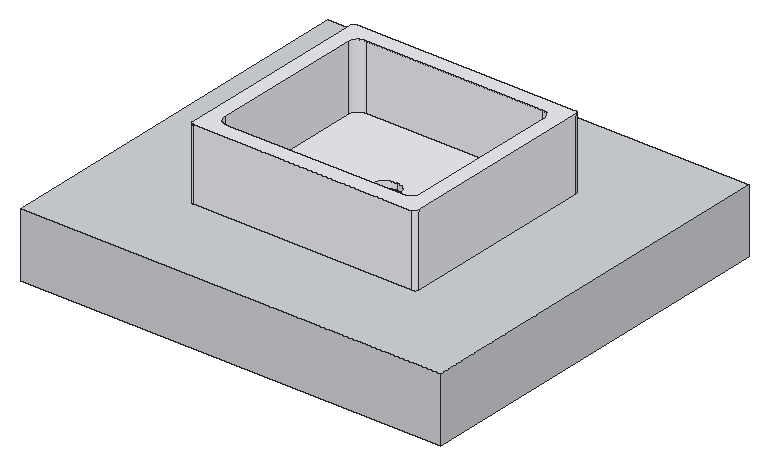
Revit family
Parameters (values of type "L.7400.17_Branco Gelo GE17")
  WFU = 0
  Vendido Separadamente = "Sifão para lavatório: Cromado: (1680.C.100.112), Dourado (1680.D.100.112).   Slim: Cromado (1684.C.100.112), Dourado (1684.D.100.112) e Gold (1684.D.100.112.GLD).  Quadra: Cromado (1685.C.100.112). Válvulas de escoamentos compatíveis: Luxo: Cromado (1601.C), Branco (1601.E.BR), Gold (1601.D.GLD); Click: Cromado (1601.C.CLI).  Competitivo: Cromado (1602.C), Dourado (1602.D); Tampão plástico: Cromado (1602.C.PLA)."  # constant formula
  Variações de COR = "Branco (L.7400.17); Ébano (L.7400.95)."  # constant formula
  URL = "www.deca.com.br/produtos"
  Segmento = "Luxo"  # constant formula
  Raio Ponto de Esgoto = 20 mm  # constant formula
  Produto = "Cuba de apoio retangular"  # constant formula
  Peso Liquido (Kg) = 7
  Norma = "ABNT NBR 15097-1: 2011"  # constant formula
  Model = Código  # "L.7400.17"
  Material = "Deca_Fireclay"  # constant formula
  Manufacturer = "Deca"  # constant formula
  Louça/Metais = "Louça"  # constant formula
  Linha = "Cuba de apoio"  # constant formula
  Informações Complementares = ""
  Flow Pressure = 0.00 psi
  Diâmetro Ponto de Esgoto = Raio Ponto de Esgoto * 2  # 40 mm
  Description = "Cuba de apoio"  # constant formula
  Default Elevation = 0 mm
  Código = "L.7400.17"
  Cuba = Deca GE17 Branco Gelo Cerâmica
  Criado por = "Contino/quattroD"  # constant formula
  Atendimento ao Cliente = "0800-0117073 "  # constant formula
  Assembly Code = "D2010400"
  Aprovado por = "Contino/quattroD"  # constant formula
  Acompanha do Producto = ""
Types (3, lengths in mm): name | Model | Código | Cuba
  (no name) | "L.7400.17" | "L.7400.17" | Deca GE17 Branco Gelo Cerâmica
  L.7400.17_Branco Gelo GE17 | "L.7400.17" | "L.7400.17" | Deca GE17 Branco Gelo Cerâmica
  L.7400.95_Ébano EB95 | "L.7400.95" | "L.7400.95" | Deca EB95 Ébano Cerâmica
Reference planes
  plane 1 "Center (Front/Back)": y = 0
  plane 2: z = 0
  plane 3 "Center (Left/Right)": x = 0
  plane 4 "Left 1": x = -176.319
  plane 5 "Right 1": x = 176.319
  plane 6 "Top 1": z = 110
  plane 7 "Back 1": y = 159.036
  plane 8 "Front 1": y = -158.819
Forms (mm)
  Extrusion 1, solid
    sketch origin (0, 0, 0) x (1, 0, 0) y (0, 1, 0)
      loop
        line (-325.748, 298.248) -> (-325.748, -297.21) -> (324.406, -297.21) -> (324.406, 298.248) -> (-325.748, 298.248)
    from 0 to -100
  Extrusion 2, void
    sketch origin (0, 0, -120) x (-1, 0, 0) y (0, -1, 0)
      loop
        circle (0, 0) r 22.902
    from 83.716 to 161.469
  Extrusion 3, solid, material "Deca GE17 Branco Gelo Cerâmica" <- "Cuba"
    sketch origin (0, 0, -120) x (-1, 0, 0) y (0, -1, 0)
      loop
        line (175.069, -151.569) -> (175.069, 151.569)
        arc (175.069, 151.569) -> (173.312, 155.812) -> (169.069, 157.569) r 5.999
        line (169.069, 157.569) -> (-169.069, 157.569)
        arc (-169.069, 157.569) -> (-173.312, 155.812) -> (-175.069, 151.569) r 5.999
        line (-175.069, 151.569) -> (-175.069, -151.569)
        arc (-175.069, -151.569) -> (-173.312, -155.812) -> (-169.069, -157.569) r 5.999
        line (-169.069, -157.569) -> (169.069, -157.569)
        arc (169.069, -157.569) -> (173.312, -155.812) -> (175.069, -151.569) r 5.999
      loop
        line (-136.772, -134.252) -> (136.772, -134.252)
        arc (136.772, -134.252) -> (147.364, -129.864) -> (151.752, -119.272) r 14.979
        line (151.752, -119.272) -> (151.752, 119.272)
        arc (151.752, 119.272) -> (147.364, 129.864) -> (136.772, 134.252) r 14.979
        line (136.772, 134.252) -> (-136.772, 134.252)
        arc (-136.772, 134.252) -> (-147.364, 129.864) -> (-151.752, 119.272) r 14.979
        line (-151.752, 119.272) -> (-151.752, -119.272)
        arc (-151.752, -119.272) -> (-147.364, -129.864) -> (-136.772, -134.252) r 14.979
    from 120 to 230
  Extrusion 4, solid, material "Deca GE17 Branco Gelo Cerâmica" <- "Cuba"
    sketch origin (0, 0, 0) x (0, 1, 0) y (-1, 0, 0)
      loop
        arc (-119.272, 151.752) -> (-129.864, 147.364) -> (-134.252, 136.772) r 14.979
        line (-134.252, 136.772) -> (-134.252, -136.772)
        arc (-134.252, -136.772) -> (-129.864, -147.364) -> (-119.272, -151.752) r 14.979
        line (-119.272, -151.752) -> (119.272, -151.752)
        arc (119.272, -151.752) -> (129.864, -147.364) -> (134.252, -136.772) r 14.979
        line (134.252, -136.772) -> (134.252, 136.772)
        arc (134.252, 136.772) -> (129.864, 147.364) -> (119.272, 151.752) r 14.979
        line (119.272, 151.752) -> (-119.272, 151.752)
    from 0 to 10
Cuts and joins
  Extrusion 2 cuts Extrusion 4
Lines and regions (mm)
  Masking region 1
    outline origin (0, 0, -120) x (-1, 0, 0) y (0, -1, 0)
      loop
        line (176.536, -153.01) -> (176.536, 153.009)
        arc (176.536, 153.009) -> (174.779, 157.278) -> (170.51, 159.036) r 5.999
        line (170.51, 159.036) -> (-170.509, 159.036)
        arc (-170.509, 159.036) -> (-174.778, 157.279) -> (-176.536, 153.01) r 5.999
        line (-176.536, 153.01) -> (-176.536, -153.009)
        arc (-176.536, -153.009) -> (-174.779, -157.278) -> (-170.51, -159.036) r 5.999
        line (-170.51, -159.036) -> (170.509, -159.036)
        arc (170.509, -159.036) -> (174.778, -157.279) -> (176.536, -153.01) r 5.999
  Masking region 2
    outline origin (0, 200, 0) x (-1, 0, 0) y (0, 0, 1)
      loop
        arc (-168.757, 110) -> (-172.901, 108.927) -> (-174.756, 105.07) r 5.084
        line (-174.756, 105.07) -> (-176.223, 0) -> (176.223, 0) -> (174.756, 105.07)
        arc (174.756, 105.07) -> (172.901, 108.927) -> (168.757, 110) r 5.084
        line (168.757, 110) -> (-168.757, 110)
  Masking region 3
    outline origin (-283.343, 0, 0) x (0, -1, 0) y (0, 0, 1)
      loop
        arc (-151.569, 110) -> (-155.713, 108.927) -> (-157.569, 105.07) r 5.084
        line (-157.569, 105.07) -> (-159.036, 0) -> (158.802, 0) -> (157.334, 105.07)
        arc (157.334, 105.07) -> (155.479, 108.927) -> (151.335, 110) r 5.084
        line (151.335, 110) -> (-151.569, 110)
  symbolic lines
    curve 1: line (-64.865, 200, 0) -> (64.866, 200, 0)
    curve 2: line (-170.069, 152.569, -120) -> (-170.069, -152.569, -120)
    curve 3: line (-170.069, -152.569, -120) -> (170.069, -152.569, -120)
    curve 4: line (170.069, -152.569, -120) -> (170.069, 152.569, -120)
    curve 5: line (170.069, 152.569, -120) -> (-170.069, 152.569, -120)
    curve 6: line (156.745, 124.265, -120) -> (156.745, -124.265, -120)
    curve 7: line (141.765, -139.245, -120) -> (-141.765, -139.245, -120)
    curve 8: line (-156.745, 124.265, -120) -> (-156.745, -124.265, -120)
    curve 9: line (-141.765, 139.245, -120) -> (141.765, 139.245, -120)
    curve 10: circle (0, 0, -120) r 32 normal (0, 0, 1)
    curve 11: circle (0, 0, -120) r 22.5 normal (0, 0, 1)
    curve 12: arc (-156.745, -124.265, -120) -> (-152.357, -134.857, -120) -> (-141.765, -139.245, -120) r 14.979
    curve 13: arc (141.765, -139.245, -120) -> (152.357, -134.857, -120) -> (156.745, -124.265, -120) r 14.979
    curve 14: arc (156.745, 124.265, -120) -> (152.357, 134.857, -120) -> (141.765, 139.245, -120) r 14.979
    curve 15: arc (-156.745, 124.265, -120) -> (-152.357, 134.857, -120) -> (-141.765, 139.245, -120) r 14.979
Dimensions and locks
  plane 6 "Top 1" to Extrusion 1 = 110 mm  (x2)
  plane 5 "Right 1" to plane 4 "Left 1" = 352.638 mm
  plane 8 "Front 1" to plane 7 "Back 1" = 317.855 mm  (x2)
  plane 4 "Left 1" to plane 5 "Right 1" = 352.638 mm
  aligned and locked: Extrusion 1 to plane 2
  aligned and locked: level to Extrusion 1
Connectors
  piping at (0, 0, 0), driven by "Raio Ponto de Esgoto", driven by "Flow Pressure", driven by "WFU"
    settings: on cut or joined group of Extrusion 2, Extrusion 4, index 1
